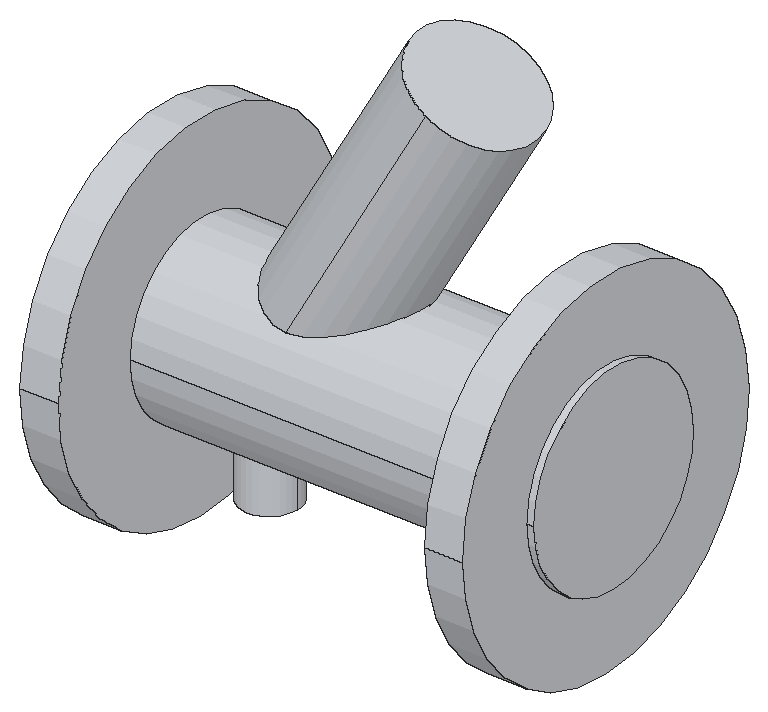
Revit family "HS 821-síto_standard-PN40-DN032-RFA_2019", category Pipe Accessories, Revit 2019
Family settings
  Round Connector Dimension = Use Diameter
  Part Type = Breaks Into
  Work Plane-Based = No
  Always vertical = Yes
  Cut with Voids When Loaded = No
  Shared = No
Parameters (values of type "821F-DN032-PN40-síto_standard")
  magiProductId = "165e7f39cf744f329bdf1c400dad12"
  magiProductFamilyId = "79214ac3aaa945e397802f559f5c1e"
  magiPartTypeId = 307
  isMeasuringValve [instance] = no
  ang2D [instance] = 0.00°
  ZB__ve = -ZB  # -23 mm
  ZB1 = 31.59 mm
  ZB = 23 mm
  X2 = 68.849 mm
  X1 = 25.2 mm
  W2D = 15 mm
  VersionID = "2.0/2017.9.26.1/ZETKAMA_821_001"
  Use Minimum Symbol Size [instance] = yes
  URL = "www.hydronic.cz"
  Type Comments = "Filtr přírubový; síto standardní; A-PN16 (-10~300°C); D-PN25 (-10~350°C); F-PN40 (-10~400°C)"
  S = 78 mm
  QmdConnectorList = "301;D;302;D"
  Productdata [instance] = ""
  Manufacturer = "Hydronic Systems Prague s.r.o."
  MC Product Code = "240 632 (821F; DN032; PN40; kvs23,7; oko síta 1,00mm)"
  LM1 = 14.4 mm
  LM = 144 mm
  L4 = 45 mm
  L2D_Min = 3048 mm
  L2D = 130 mm
  L2 = 90 mm
  HH2 = 119.25 mm
  FD = 140 mm
  Description = "Filtr přírubový; síto standardní; 821A-PN16; 821D-PN25; 821F-PN40"
  DM1 = 50.4 mm
  DM = 70.2 mm
  D = 32 mm
  CC = 3.06 mm
  CAT0 = yes
  C1 = 14.94 mm
  C = 18 mm
  BD = 22.113 mm
Types (40, lengths in mm): name | magiProductId | ZB__ve | ZB1 | ZB | X2 | X1 | S | MC Product Code | LM1 | LM | L4 | L2 | HH2 | FD | DM1 | DM | D | CC | C1 | C | BD
  821A-DN015-PN16-síto_standard | "a71bcfe8b393460598b23e8ddf7dc5" | -16.25 | 18.63 | 16.25 | 46.982 | 18.2 | 46 | "200 115 (821A; DN015; PN16; kvs6,3; oko síta 1,00mm)" | 10.4 | 104 | 32.5 | 65 | 81.375 | 95 | 27.6 | 41.4 | 15 | 2.21 | 10.79 | 13 | 13.041
  821A-DN020-PN16-síto_standard | "41cd6c7a12924f4991217528336076" | -17.75 | 22.68 | 17.75 | 51.673 | 21 | 56 | "200 120 (821A; DN020; PN16; kvs11,2; oko síta 1,00mm)" | 12 | 120 | 37.5 | 75 | 89.5 | 105 | 33.6 | 50.4 | 20 | 2.55 | 12.45 | 15 | 15.876
  821A-DN025-PN16-síto_standard | "be378b463ed14c3abf4c9b3ae8cf3a" | -19.25 | 26.325 | 19.25 | 58.601 | 22.4 | 65 | "200 125 (821A; DN025; PN16; kvs14,7; oko síta 1,00mm)" | 12.8 | 128 | 40 | 80 | 101.5 | 115 | 43.2 | 58.5 | 25 | 2.72 | 13.28 | 16 | 18.427
  821A-DN032-PN16-síto_standard | "227a0d18b21540afabe8b6067d35fa" | -23 | 30.78 | 23 | 68.849 | 25.2 | 76 | "200 132 (821A; DN032; PN16; kvs23,7; oko síta 1,00mm)" | 14.4 | 144 | 45 | 90 | 119.25 | 140 | 50.4 | 68.4 | 32 | 3.06 | 14.94 | 18 | 21.546
  821A-DN040-PN16-síto_standard | "d106917c74724141a10440112d0102" | -24.5 | 34.02 | 24.5 | 75.777 | 28 | 84 | "200 140 (821A; DN040; PN16; kvs37,7; oko síta 1,00mm)" | 16 | 160 | 50 | 100 | 131.25 | 150 | 60 | 75.6 | 40 | 3.4 | 16.6 | 20 | 23.814
  821A-DN050-PN16-síto_standard | "8255d456a09e4f6486734f5dd9171b" | -26.75 | 40.095 | 26.75 | 79.061 | 32.2 | 99 | "200 150 (821A; DN050 PN16; kvs57,9; oko síta 1,00mm)" | 18.4 | 184 | 57.5 | 115 | 136.938 | 165 | 73.8 | 89.1 | 50 | 3.91 | 19.09 | 23 | 28.066
  821A-DN065-PN16-síto_standard | "235b1b3e4c0843779a4d5e3716d40a" | -29.75 | 47.79 | 29.75 | 86.927 | 40.6 | 118 | "200 165 (821A; DN065; PN16; kvs101,5; oko síta 1,25mm)" | 23.2 | 232 | 72.5 | 145 | 150.562 | 185 | 94.2 | 106.2 | 65 | 4.93 | 24.07 | 29 | 33.453
  821A-DN080-PN16-síto_standard | "a067f7c5236348ed8c820d16df7214" | -32 | 53.46 | 32 | 104.753 | 43.4 | 132 | "200 180 (821A; DN080; PN16; kvs147,4; oko síta 1,25mm)" | 24.8 | 248 | 77.5 | 155 | 181.438 | 200 | 107.4 | 118.8 | 80 | 5.27 | 25.73 | 31 | 37.422
  821A-DN100-PN16-síto_standard | "c49a648c2747461285837d643703cd" | -35 | 63.18 | 35 | 114.857 | 49 | 156 | "200 190 (821A; DN100; PN16; kvs209,6; oko síta 1,60mm)" | 28 | 280 | 87.5 | 175 | 198.937 | 220 | 131.4 | 140.4 | 100 | 5.95 | 29.05 | 35 | 44.226
  821A-DN125-PN16-síto_standard | "bf68e728a163493cbd2a663b26ebdc" | -39.5 | 74.52 | 39.5 | 131.888 | 56 | 184 | "200 191 (821A; DN125; PN16; kvs326,2; oko síta 1,60mm)" | 32 | 320 | 100 | 200 | 228.438 | 250 | 165 | 165.6 | 125 | 6.8 | 33.2 | 40 | 52.164
  821A-DN150-PN16-síto_standard | "2de770284b654863ae6bc865769dc5" | -44.75 | 85.455 | 44.75 | 155.885 | 67.2 | 211 | "200 192 (821A; DN150; PN16; kvs403; oko síta 1,60mm)" | 38.4 | 384 | 120 | 240 | 270 | 285 | 192 | 189.9 | 150 | 8.16 | 39.84 | 48 | 59.818
  821A-DN200-PN16-síto_standard | "8e5693371ab64aabb29a7f08c76e15" | -53 | 107.73 | 53 | 188.361 | 84 | 266 | "200 193 (821A; DN200; PN16; kvs707; oko síta 1,60mm)" | 48 | 480 | 150 | 300 | 326.25 | 340 | 252 | 239.4 | 200 | 10.2 | 49.8 | 60 | 75.411
  821A-DN250-PN16-síto_standard | "05e37ed948c34047acdd4c42556504" | -62.75 | 129.195 | 62.75 | 255.911 | 102.2 | 319 | "200 194 (821A; DN250; PN16; kvs1234; oko síta 1,60mm)" | 58.4 | 584 | 182.5 | 365 | 443.25 | 405 | 309.6 | 287.1 | 250 | 12.41 | 60.59 | 73 | 90.436
  821A-DN300-PN16-síto_standard | "9ad0af747269428da925480d83ce80" | -71 | 149.85 | 71 | 325.914 | 119 | 370 | "200 195 (821A; DN300; PN16; kvs1916; oko síta 1,60mm)" | 68 | 680 | 212.5 | 425 | 564.5 | 460 | 369.6 | 333 | 300 | 14.45 | 70.55 | 85 | 104.895
  821A-DN350-PN16-síto_standard | "eebc71459bb3451bb4355e7951370a" | -80 | 173.745 | 80 | 356.875 | 137.2 | 429 | "200 196 (821A; DN350; PN16; kvs2621; oko síta 1,60mm)" | 78.4 | 784 | 245 | 490 | 618.125 | 520 | 438 | 386.1 | 350 | 16.66 | 81.34 | 98 | 121.621
  821A-DN400-PN16-síto_standard | "d2f677cb196647e385b2590e7d8abe" | -89 | 194.4 | 89 | 392.237 | 154 | 480 | "200 197 (821A; DN400; PN16; kvs3460; oko síta 1,60mm)" | 88 | 880 | 275 | 550 | 679.375 | 580 | 498 | 432 | 400 | 18.7 | 91.3 | 110 | 136.08
  821D-DN015-PN25-síto_standard | "27ddcbf555414f8ca1fde329bf9087" | -16.25 | 18.63 | 16.25 | 46.982 | 18.2 | 46 | "200 215 (821D; DN015; PN25; kvs6,3; oko síta 1,00mm)" | 10.4 | 104 | 32.5 | 65 | 81.375 | 95 | 27.6 | 41.4 | 15 | 2.21 | 10.79 | 13 | 13.041
  821D-DN020-PN25-síto_standard | "270e0f14012f47189cd0235c18faee" | -17.75 | 22.68 | 17.75 | 51.673 | 21 | 56 | "200 220 (821D; DN020; PN25; kvs11,2; oko síta 1,00mm)" | 12 | 120 | 37.5 | 75 | 89.5 | 105 | 33.6 | 50.4 | 20 | 2.55 | 12.45 | 15 | 15.876
  821D-DN025-PN25-síto_standard | "b9a7fb4aa36643878c637d8e1ab992" | -19.25 | 26.325 | 19.25 | 58.601 | 22.4 | 65 | "200 225 (821D; DN025; PN25; kvs14,7; oko síta 1,00mm)" | 12.8 | 128 | 40 | 80 | 101.5 | 115 | 43.2 | 58.5 | 25 | 2.72 | 13.28 | 16 | 18.427
  821D-DN032-PN25-síto_standard | "6be9a55c4e68400f94eec7e804204c" | -23 | 30.78 | 23 | 68.849 | 25.2 | 76 | "200 232 (821D; DN032; PN25; kvs23,7; oko síta 1,00mm)" | 14.4 | 144 | 45 | 90 | 119.25 | 140 | 50.4 | 68.4 | 32 | 3.06 | 14.94 | 18 | 21.546
  821D-DN040-PN25-síto_standard | "c54511bd7f584ec2984291479612cb" | -24.5 | 34.02 | 24.5 | 75.777 | 28 | 84 | "200 240 (821D; DN040; PN25; kvs37,7; oko síta 1,00mm)" | 16 | 160 | 50 | 100 | 131.25 | 150 | 60 | 75.6 | 40 | 3.4 | 16.6 | 20 | 23.814
  821D-DN050-PN25-síto_standard | "5483b1f596b04cd39b23a14a22c90e" | -26.75 | 40.095 | 26.75 | 79.061 | 32.2 | 99 | "200 250 (821D; DN050; PN25; kvs57,9; oko síta 1,00mm)" | 18.4 | 184 | 57.5 | 115 | 136.938 | 165 | 73.8 | 89.1 | 50 | 3.91 | 19.09 | 23 | 28.066
  821D-DN065-PN25-síto_standard | "767b0f8318e94750bc7a9930ed5b30" | -29.75 | 47.79 | 29.75 | 86.927 | 40.6 | 118 | "200 265 (821D; DN065; PN25; kvs101,5; oko síta 1,25mm)" | 23.2 | 232 | 72.5 | 145 | 150.562 | 185 | 94.2 | 106.2 | 65 | 4.93 | 24.07 | 29 | 33.453
  821D-DN080-PN25-síto_standard | "e21040fa3cc2404b858198f6b73709" | -32 | 53.46 | 32 | 104.753 | 43.4 | 132 | "200 280 (821D; DN080; PN25; kvs147,4; oko síta 1,25mm)" | 24.8 | 248 | 77.5 | 155 | 181.438 | 200 | 107.4 | 118.8 | 80 | 5.27 | 25.73 | 31 | 37.422
  821D-DN100-PN25-síto_standard | "175ca87a506b40b3bc6b82f12f33cf" | -37.25 | 63.18 | 37.25 | 114.857 | 49 | 156 | "200 290 (821D; DN100; PN25; kvs209,6; oko síta 1,60mm)" | 28 | 280 | 87.5 | 175 | 198.937 | 235 | 131.4 | 140.4 | 100 | 5.95 | 29.05 | 35 | 44.226
  821D-DN125-PN25-síto_standard | "77cc98d60da24855999a22dff726b2" | -42.5 | 74.52 | 42.5 | 131.888 | 56 | 184 | "200 291 (821D; DN125; PN25; kvs326,2; oko síta 1,60mm)" | 32 | 320 | 100 | 200 | 228.438 | 270 | 165 | 165.6 | 125 | 6.8 | 33.2 | 40 | 52.164
  821D-DN150-PN25-síto_standard | "9cf8acfcd15547d68e83172d3abcbe" | -47 | 85.455 | 47 | 155.885 | 67.2 | 211 | "200 292 (821D; DN150; PN25; kvs403; oko síta 1,60mm)" | 38.4 | 384 | 120 | 240 | 270 | 300 | 192 | 189.9 | 150 | 8.16 | 39.84 | 48 | 59.818
  821D-DN200-PN25-síto_standard | "16973f3c9ea14389ba8602495a6b64" | -56 | 110.97 | 56 | 188.361 | 84 | 274 | "200 293 (821D; DN200; PN25; kvs707; oko síta 1,60mm)" | 48 | 480 | 150 | 300 | 326.25 | 360 | 252 | 246.6 | 200 | 10.2 | 49.8 | 60 | 77.679
  821F-DN015-PN40-síto_standard | "4c7eaf3c4c0340888b3e684d8a8616" | -16.25 | 18.225 | 16.25 | 46.982 | 18.2 | 45 | "240 615 (821F; DN015; PN40; kvs6,3; oko síta 1,00mm)" | 10.4 | 104 | 32.5 | 65 | 81.375 | 95 | 27.6 | 40.5 | 15 | 2.21 | 10.79 | 13 | 12.757
  821F-DN020-PN40-síto_standard | "aaac5f1ec96b44d6ba96ac2293d66d" | -17.75 | 23.49 | 17.75 | 51.673 | 21 | 58 | "240 620 (821F; DN020; PN40; kvs11,2; oko síta 1,00mm)" | 12 | 120 | 37.5 | 75 | 89.5 | 105 | 33.6 | 52.2 | 20 | 2.55 | 12.45 | 15 | 16.443
  821F-DN025-PN40-síto_standard | "504768023968471481789485b54c7e" | -19.25 | 27.54 | 19.25 | 58.601 | 22.4 | 68 | "240 625 (821F; DN025; PN40; kvs14,7; oko síta 1,00mm)" | 12.8 | 128 | 40 | 80 | 101.5 | 115 | 43.2 | 61.2 | 25 | 2.72 | 13.28 | 16 | 19.278
  821F-DN032-PN40-síto_standard | "165e7f39cf744f329bdf1c400dad12" | -23 | 31.59 | 23 | 68.849 | 25.2 | 78 | "240 632 (821F; DN032; PN40; kvs23,7; oko síta 1,00mm)" | 14.4 | 144 | 45 | 90 | 119.25 | 140 | 50.4 | 70.2 | 32 | 3.06 | 14.94 | 18 | 22.113
  821F-DN040-PN40-síto_standard | "b8903f952089408fbf3a5a632bab1f" | -24.5 | 35.64 | 24.5 | 75.777 | 28 | 88 | "240 640 (821F; DN040; PN40; kvs37,7; oko síta 1,00mm)" | 16 | 160 | 50 | 100 | 131.25 | 150 | 60 | 79.2 | 40 | 3.4 | 16.6 | 20 | 24.948
  821F-DN050-PN40-síto_standard | "c451f97266fe48da8f879cb6a2bd44" | -26.75 | 41.31 | 26.75 | 79.061 | 32.2 | 102 | "240 650 (821F; DN050; PN40; kvs57,9; oko síta 1,00mm)" | 18.4 | 184 | 57.5 | 115 | 136.938 | 165 | 73.8 | 91.8 | 50 | 3.91 | 19.09 | 23 | 28.917
  821F-DN065-PN40-síto_standard | "dc9821e3f9b34e128f6a8c6b34c198" | -29.75 | 49.41 | 29.75 | 86.927 | 40.6 | 122 | "240 665 (821F; DN065; PN40; kvs101,5; oko síta 1,25mm)" | 23.2 | 232 | 72.5 | 145 | 150.562 | 185 | 94.2 | 109.8 | 65 | 4.93 | 24.07 | 29 | 34.587
  821F-DN080-PN40-síto_standard | "689aa1e260f84cf4994f027a1d86b5" | -32 | 55.89 | 32 | 104.753 | 43.4 | 138 | "240 680 (821F; DN080; PN40; kvs147,4; oko síta 1,25mm)" | 24.8 | 248 | 77.5 | 155 | 181.438 | 200 | 107.4 | 124.2 | 80 | 5.27 | 25.73 | 31 | 39.123
  821F-DN100-PN40-síto_standard | "8a45d4e8e2ab425f8c432f21d684f3" | -37.25 | 65.61 | 37.25 | 114.857 | 49 | 162 | "240 690 (821F; DN100; PN40; kvs209,6; oko síta 1,6mm)" | 28 | 280 | 87.5 | 175 | 198.937 | 235 | 131.4 | 145.8 | 100 | 5.95 | 29.05 | 35 | 45.927
  821F-DN125-PN40-síto_standard | "cf073904c006406b8645afa67ea2fc" | -42.5 | 76.14 | 42.5 | 131.888 | 56 | 188 | "240 691 (821F; DN125; PN40; kvs326,2; oko síta 1,6mm)" | 32 | 320 | 100 | 200 | 228.438 | 270 | 165 | 169.2 | 125 | 6.8 | 33.2 | 40 | 53.298
  821F-DN150-PN40-síto_standard | "0153b9ddabe14992a630484929fdbc" | -47 | 88.29 | 47 | 155.885 | 67.2 | 218 | "240 692 (821F; DN150; PN40; kvs403; oko síta 1,6mm)" | 38.4 | 384 | 120 | 240 | 270 | 300 | 192 | 196.2 | 150 | 8.16 | 39.84 | 48 | 61.803
  821F-DN200-PN40-síto_standard | "7fb3fc01dd8d42428c203e3f8dd4d5" | -56 | 115.425 | 56 | 188.361 | 84 | 285 | "240 693 (821F; DN200; PN40; kvs707; oko síta 1,6mm)" | 48 | 480 | 150 | 300 | 326.25 | 360 | 252 | 256.5 | 200 | 10.2 | 49.8 | 60 | 80.797
Reference planes
  plane 1 "Center (Front/Back)": y = 0
  plane 2 "XYPLANE": z = 0
  plane 3 "Center (Left/Right)": x = 0
  plane 4 "109": x = -57.6
  plane 5 "108": x = 72
  plane 6 "107": x = -72
  plane 7 "105": x = 90
  plane 8 "104": x = -90
  plane 9 "103": y = 0
  plane 10 "102": z = 0
  plane 11 "101": x = -86.94
  plane 12 "100": x = 86.94
  plane 13 "11": x = -32.4
  plane 14 "10": z = 119.25
  plane 15 "9": x = 36.449
  plane 16 "5": z = -31.59
  plane 17 "4": x = -45
  plane 18 "1": x = 45
Forms (mm)
  Extrusion 1, solid, visible <- "CAT0"
    sketch origin (-72, -750, 0) x (0, 1, 0) y (0, 0, 1)
      loop
        circle (750, 0) r 35.1
    from 0 to 144 <- "LM"
  Extrusion 2, solid
    sketch origin (-90, -750, 0) x (0, 1, 0) y (0, 0, 1)
      loop
        circle (750, 0) r 39
    from 0 to 3.06 <- "CC"
  Extrusion 3, solid
    sketch origin (-86.94, -750, 0) x (0, 1, 0) y (0, 0, 1)
      loop
        circle (750, 0) r 70
    from 0 to 14.94 <- "C1"
  Extrusion 4, solid
    sketch origin (72, -750, 0) x (0, 1, 0) y (0, 0, 1)
      loop
        circle (750, 0) r 70
    from 0 to 14.94 <- "C1"
  Extrusion 5, solid
    sketch origin (86.94, -750, 0) x (0, 1, 0) y (0, 0, 1)
      loop
        circle (750, 0) r 39
    from 0 to 3.06 <- "CC"
  Sweep 6, solid, visible <- "CAT0"
    path origin (750, 0, 0) x (-1, 0, 0) y (0, 0, 1)
      loop
        line (822, 0) -> (782.4, 0) -> (713.551, 119.25)
    profile origin (-72, 0, 0) x (0, 0, -1) y (0, 1, 0)
      loop
        circle (0, 0) r 25.2
  Extrusion 7, solid, visible <- "CAT0"
    sketch origin (-750, 0, -31.59) x (1, 0, 0) y (0, 1, 0)
      loop
        circle (705, 0) r 11.056
    from 0 to -23 <- "ZB__ve"
  Extrusion 8, solid, visible <- "CAT0"
    sketch origin (-750, 0, -31.59) x (1, 0, 0) y (0, 1, 0)
      loop
        circle (795, 0) r 11.056
    from 0 to -23 <- "ZB__ve"
  Extrusion 9, solid, not visible
    sketch origin (90, -750, 0) x (0, 1, 0) y (0, 0, 1)
      loop
        circle (750, 0) r 10
    from 0 to -10
  Extrusion 10, solid, not visible
    sketch origin (-90, -750, 0) x (0, 1, 0) y (0, 0, 1)
      loop
        circle (750, 0) r 10
    from 0 to 10
Lines and regions (mm)
  reference lines, not visible
    curve 1: circle (2, 2, 0) r 1 normal (0, 0, 1)
Dimensions and locks
  plane 1 "Center (Front/Back)" to curve 1 = 2 mm
  "LM1": plane 6 "107" to plane 4 "109"
  "LM": plane 6 "107" to plane 5 "108"
  "C": plane 8 "104" to plane 6 "107"
  "L2": plane 3 "Center (Left/Right)" to plane 7 "105"
  "L2": plane 3 "Center (Left/Right)" to plane 8 "104"
  locked: plane 1 "Center (Front/Back)" to plane 9 "103"
  locked: plane 2 "XYPLANE" to plane 10 "102"
  "CC": plane 8 "104" to plane 11 "101"
  "C1": plane 5 "108" to plane 12 "100"
  "X1": plane 4 "109" to plane 13 "11"
  "HH2": plane 2 "XYPLANE" to plane 14 "10"
  "X2": plane 13 "11" to plane 15 "9"
  "ZB1": plane 2 "XYPLANE" to plane 16 "5"
  "L4": plane 8 "104" to plane 17 "4"
  "L2": plane 17 "4" to plane 18 "1"
  Sweep 6 sketch curve to Sweep 6 sketch curve = 0 mm  (x2)
  "DM": diameter of Extrusion 1 sketch curve
  "S": diameter of Extrusion 2 sketch curve
  "FD": diameter of Extrusion 3 sketch curve
  "FD": diameter of Extrusion 4 sketch curve
  "S": diameter of Extrusion 5 sketch curve
  "DM1": diameter of Sweep 6 sketch curve
  "BD": diameter of Extrusion 7 sketch curve
  "BD": diameter of Extrusion 8 sketch curve
  aligned and locked: level to plane 2 "XYPLANE"
  aligned and locked: Extrusion 1 sketch curve to plane 9 "103"
  aligned and locked: plane 10 "102" to Extrusion 1 sketch curve
  aligned and locked: Extrusion 2 sketch curve to plane 9 "103"
  aligned and locked: plane 10 "102" to Extrusion 2 sketch curve
  aligned and locked: Extrusion 3 sketch curve to plane 9 "103"
  aligned and locked: plane 10 "102" to Extrusion 3 sketch curve
  aligned and locked: Extrusion 4 sketch curve to plane 9 "103"
  aligned and locked: plane 10 "102" to Extrusion 4 sketch curve
  aligned and locked: Extrusion 5 sketch curve to plane 9 "103"
  aligned and locked: plane 10 "102" to Extrusion 5 sketch curve
  aligned and locked: Sweep 6 sketch curve to plane 9 "103"
  aligned and locked: plane 10 "102" to Sweep 6 sketch curve  (x3)
  aligned and locked: plane 6 "107" to Sweep 6 sketch curve
  aligned and locked: plane 13 "11" to Sweep 6 sketch curve
  aligned and locked: plane 14 "10" to Sweep 6 sketch curve
  aligned and locked: plane 15 "9" to Sweep 6 sketch curve
  aligned and locked: plane 9 "103" to Extrusion 7 sketch curve
  aligned and locked: plane 17 "4" to Extrusion 7 sketch curve
  aligned and locked: plane 9 "103" to Extrusion 8 sketch curve
  aligned and locked: plane 18 "1" to Extrusion 8 sketch curve
  aligned and locked: Extrusion 9 sketch curve to plane 9 "103"
  aligned and locked: plane 10 "102" to Extrusion 9 sketch curve
  aligned and locked: Extrusion 10 sketch curve to plane 9 "103"
  aligned and locked: plane 10 "102" to Extrusion 10 sketch curve
Automatic sketch dimensions
  plane 1 "Center (Front/Back)" to Extrusion 9 sketch curve = 10 mm
  plane 1 "Center (Front/Back)" to Extrusion 10 sketch curve = 10 mm
  plane 3 "Center (Left/Right)" to curve 1 = 2 mm
  radius of curve 1 = 1 mm
Connectors
  piping at (-90, 0, 0), diameter 32, driven by "D"
    settings: on Extrusion 10, index 1, connector inside diameter 609.6 mm, connector length 0 mm, flow factor 0, pipe flow 0.0 L/s, pressure drop 0.0 Pa, fitting loss kfactor 0, connector angle 0.00°, fixture units 0, engagement length 0 mm, angle of deflection 0.00°, flow configuration 0, flow direction 0, fitting loss method 0, system type 29, joint type 0, gender type 0, connector reference index 2, connector utility 0, adjustable connector no, is connector primary yes, connector description ""
  piping at (90, 0, 0), diameter 32, driven by "D"
    settings: on Extrusion 9, index 2, connector inside diameter 609.6 mm, connector length 0 mm, flow factor 0, pipe flow 0.0 L/s, pressure drop 0.0 Pa, fitting loss kfactor 0, connector angle 0.00°, fixture units 0, engagement length 0 mm, angle of deflection 0.00°, flow configuration 0, flow direction 0, fitting loss method 0, system type 29, joint type 0, gender type 0, connector reference index 1, connector utility 0, adjustable connector no, is connector primary no, connector description ""
